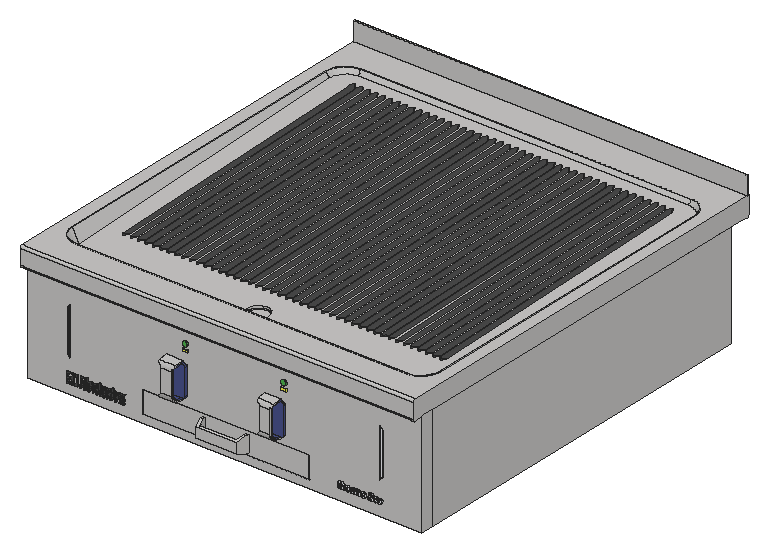
Revit family "QF_ELECTROLUXPROFESSIONAL_588535_MBHNBBHOAO", category Attrezzature speciali, Revit 2020
Family settings
  Quota connettore circolare = Usa diametro
  Tipo di parte = Normale
  Basato su piano di lavoro = No
  Sempre verticale = Sì
  Taglio con vuoti quando caricato = No
  Condiviso = No
  Punto di calcolo locali = No
Parameters (values of type "Standard")
  Weight = 120.00 kg
  Watts = 15300 W
  Volts = 400 V
  URL Manufacturer = "https://www.electroluxprofessional.com/"
  URL = "https://www.electroluxprofessional.com/"
  Steam Supply Size = 0"
  Steam Supply Minimum Pressure = 0.00 psi
  Steam Supply Maximum Pressure = 0.00 psi
  Steam Consumption per Hour = 0
  Refrigeration Suction Line Size = 0 mm
  Refrigeration Liquid Line Size = 0 mm
  Refrigerant Compressor Remote = yes
  Prospetto di default = 0 mm
  Phase = 3
  Modello = "MBHNBBHOAO"
  Produttore = "Electrolux Professional"
  Length Actual = 800 mm  # constant formula
  Item Number = "588535"
  Hot Water Size = 0"
  Height Actual = 250 mm  # constant formula
  HP = "20.5 HP"
  Gas Size = 0"
  Gas KW = 0
  Gas Input Pressure = 0.0 Btu/h
  Direct Waste Size = 0"
  Descrizione = "EL.FRYTOP,RIBBED PL,1S,BSPL,800X850X250H"
  Depth Actual = 850 mm  # constant formula
  Cycle = 50 Hz
  Condensate Return Size = 0"
  Compressed Air Volume = 0 GPM
  Compressed Air Size = 0"
  Compressed Air Pressure = 0.00 psi
  Cold Water Size = 0"
  Accessory = yes
Reference planes
  plane 1 "BACK": y = 0
  plane 2: z = 0
  plane 3 "LEFT": x = 0
  plane 4 "RIGHT": x = 800
  plane 5 "FRONT": y = -850
  plane 6 "TOP": z = 900
  plane 7 "Center (Left/Right)": x = 400
  plane 8: y = -425
  plane 9: y = -150
  plane 10: y = -65
  plane 11: y = -790
  plane 12 "EIY": y = -635
  plane 13: z = 938
  plane 14 "BaseTop": z = 650
  plane 15: y = -805
  plane 16 "Camino": y = -50
  plane 17 "EIx": x = 755
  plane 18: z = 1131
  plane 19 "PlaneRibbed": through (-6096, -65, 890) normal (0, -0.0251, 0.9997)
Forms (mm)
  Extrusion 1, solid, material "QF_Finishes_Stainless Steel"
    sketch origin (-178.969, -4572, 100) x (-1, 0, 0) y (0, -1, 0)
      loop
        line (-178.969, -4527) -> (-178.969, -3767) -> (-978.969, -3767) -> (-978.969, -4527) -> (-178.969, -4527)
    from 550 to 762.969
  Extrusion 2, solid, material "QF_Finishes_Stainless Steel"
    sketch origin (400, 296.4, 1219.2) x (0, 1, 0) y (0, 0, 1)
      loop
        line (-296.4, -319.2) -> (-1141.4, -319.2)
        arc (-1141.4, -319.2) -> (-1144.935, -320.664) -> (-1146.4, -324.2) r 5
        line (-1146.4, -324.2) -> (-1146.4, -355.2)
        arc (-1146.4, -355.2) -> (-1144.971, -358.264) -> (-1141.705, -359.139) r 4
        line (-1141.705, -359.139) -> (-1126.4, -356.231) -> (-316.4, -356.231) -> (-301.094, -359.139)
        arc (-301.094, -359.139) -> (-297.829, -358.264) -> (-296.4, -355.2) r 4
        line (-296.4, -355.2) -> (-296.4, -319.2)
    from -400 to 400
  Extrusion 3, void
    sketch origin (0, 0, 900) x (-1, 0, 0) y (0, -1, 0)
      loop
        arc (-65, 65) -> (-36.716, 76.716) -> (-25, 105) r 40
        line (-25, 105) -> (-25, 750)
        arc (-25, 750) -> (-36.716, 778.284) -> (-65, 790) r 40
        line (-65, 790) -> (-735, 790)
        arc (-735, 790) -> (-763.284, 778.284) -> (-775, 750) r 40
        line (-775, 750) -> (-775, 105)
        arc (-775, 105) -> (-763.284, 76.716) -> (-735, 65) r 40
        line (-735, 65) -> (-65, 65)
    from 0 to -30
  Extrusion 4, solid, material "QF_Finishes_Stainless Steel"
    sketch origin (400, 296.4, 1219.2) x (0, 1, 0) y (0, 0, 1)
      loop
        line (-296.4, -319.2) -> (-296.4, -281.2) -> (-298.4, -281.2) -> (-298.4, -319.2) -> (-296.4, -319.2)
    from 400 to -400
  Extrusion 5, solid, material "QF_Finishes_Stainless Steel"
    sketch origin (0, 0, 650) x (-1, 0, 0) y (0, -1, 0)
      loop
        circle (-755, 635) r 10.1
    from 0 to -10
  Sweep 6, solid, material "QF_Finishes_Stainless Steel"
    path origin (0, 0, 900) x (-1, 0, 0) y (0, -1, 0)
      loop
        line (-25, 105) -> (-25, 750)
        arc (-25, 750) -> (-36.716, 778.284) -> (-65, 790) r 40
        line (-65, 790) -> (-735, 790)
        arc (-735, 790) -> (-763.284, 778.284) -> (-775, 750) r 40
        line (-775, 750) -> (-775, 105)
        arc (-775, 105) -> (-763.284, 76.716) -> (-735, 65) r 40
        line (-735, 65) -> (-65, 65)
        arc (-65, 65) -> (-36.716, 76.716) -> (-25, 105) r 40
    profile origin (25, -427.5, 900) x (1, 0, 0) y (0, 0, 1)
      loop
        line (0, 0) -> (0, -30) -> (15, -30) -> (0, 0)
  Extrusion 7, void
    sketch origin (305.009, 0, 900) x (-1, 0, 0) y (0, -1, 0)
      loop
        circle (-94.991, 746) r 22.248
    from -32.282 to 0
  Extrusion 8, solid, material "QF_Finishes_Stainless Steel"
    sketch origin (400, 296.4, 1219.2) x (0, 1, 0) y (0, 0, 1)
      loop
        line (-1086.4, -349.2) -> (-361.4, -349.2) -> (-361.4, -329.2) -> (-1086.4, -347.399) -> (-1086.4, -349.2)
    from -375 to 375
  Extrusion 9, void
    sketch origin (305.009, 0, 900) x (-1, 0, 0) y (0, -1, 0)
      loop
        circle (-94.991, 746) r 22.248
    from -32.282 to 0
Cuts and joins
  Extrusion 3, Extrusion 7, Extrusion 9 cuts Extrusion 2
  Extrusion 9 cuts Sweep 6
  Extrusion 9 cuts Extrusion 8
  joined: Sweep 6, Extrusion 8
Lines and regions (mm)
  symbolic lines
    curve 1: line (0, 0, 100) -> (800, 0, 100)
    curve 2: line (0, -850, 100) -> (0, 0, 100)
    curve 3: line (800, -850, 100) -> (0, -850, 100)
    curve 4: line (800, 0, 100) -> (800, -850, 100)
    curve 5: line (0, -2, 0) -> (800, -2, 0)
    curve 6: line (734.029, -65, 0) -> (65.29, -65, 0)
    curve 7: line (65.29, -790, 0) -> (734.029, -790, 0)
    curve 8: line (65, -80, 900) -> (735, -80, 900)
    curve 9: line (735, -775, 900) -> (65, -775, 900)
    curve 10: arc (760, -750, 900) -> (752.678, -767.678, 900) -> (735, -775, 900) r 25
    curve 11: line (760, -105, 900) -> (760, -750, 900)
    curve 12: arc (735, -80, 900) -> (752.678, -87.322, 900) -> (760, -105, 900) r 25
    curve 13: circle (400, -746, 900) r 22.248 normal (0, 0, 1)
    curve 14: arc (90.5, -85.483, 900) -> (62.314, -97.096, 900) -> (50.5, -125.198, 900) r 39.994
    curve 15: line (90.5, -85.482, 900) -> (710.5, -85.482, 900)
    curve 16: line (50.5, -662.082, 900) -> (50.5, -125.198, 900)
    curve 17: arc (50.5, -662.082, 900) -> (62.314, -690.184, 900) -> (90.5, -701.797, 900) r 39.994
    curve 18: line (710.5, -701.798, 900) -> (90.5, -701.798, 900)
    curve 19: line (40.29, -708.526, 900) -> (760, -708.526, 900)
    curve 20: line (40.29, -718.526, 900) -> (760, -718.526, 900)
    curve 21: arc (65, -65, 900) -> (36.716, -76.716, 900) -> (25, -105, 900) r 40
    curve 22: line (25, -105, 900) -> (25, -750, 900)
    curve 23: arc (25, -750, 900) -> (36.716, -778.284, 900) -> (65, -790, 900) r 40
    curve 24: arc (735, -790, 900) -> (763.284, -778.284, 900) -> (775, -750, 900) r 40
    curve 25: line (775, -750, 900) -> (775, -105, 900)
    curve 26: arc (775, -105, 900) -> (763.284, -76.716, 900) -> (735, -65, 900) r 40
    curve 27: arc (709.5, -85.483, 900) -> (737.686, -97.096, 900) -> (749.5, -125.198, 900) r 39.994
    curve 28: line (749.5, -662.082, 900) -> (749.5, -125.198, 900)
    curve 29: arc (749.5, -662.082, 900) -> (737.686, -690.184, 900) -> (709.5, -701.797, 900) r 39.994
    curve 30: arc (65, -775, 900) -> (47.322, -767.678, 900) -> (40, -750, 900) r 25
    curve 31: line (40, -750, 900) -> (40, -105, 900)
    curve 32: arc (40, -105, 900) -> (47.322, -87.322, 900) -> (65, -80, 900) r 25
Dimensions and locks
  plane 3 "LEFT" to plane 4 "RIGHT" = 800 mm
  locked: plane 5 "FRONT" to plane 1 "BACK" at 850
  plane 3 "LEFT" to plane 7 "Center (Left/Right)" to plane 4 "RIGHT" = 400 mm, 400 mm
  equal spacing: plane 5 "FRONT", plane 8, plane 1 "BACK"
  plane 6 "TOP" to level = 900 mm  (x2)
  plane 1 "BACK" to plane 9 = 150 mm
  plane 12 "EIY" to plane 1 "BACK" = 635 mm
  plane 13 to plane 6 "TOP" = 38 mm
  plane 10 to plane 1 "BACK" = 65 mm
  plane 5 "FRONT" to plane 11 = 60 mm
  locked: plane 6 "TOP" to plane 14 "BaseTop" at 250
  locked: plane 15 to plane 5 "FRONT" at 45
  plane 16 "Camino" to plane 1 "BACK" = 50 mm
  plane 17 "EIx" to plane 4 "RIGHT" = 45 mm
  plane 18 to plane 6 "TOP" = 231 mm
  aligned and locked: level to plane 2
  aligned and locked: cut or joined group of Extrusion 2, Extrusion 3, Extrusion 7, Extrusion 9 to plane 3 "LEFT"
  aligned and locked: cut or joined group of Extrusion 2, Extrusion 3, Extrusion 7, Extrusion 9 to plane 4 "RIGHT"
  aligned and locked: nested 1 to plane 15
  aligned and locked: Extrusion 1 to plane 15
  aligned and locked: Extrusion 4 to plane 3 "LEFT"
  aligned and locked: Extrusion 4 to plane 4 "RIGHT"
  aligned and locked: plane 3 "LEFT" to nested 1
Automatic sketch dimensions
  curve 5 to plane 3 "LEFT" = 0 mm
  plane 10 to curve 6 = 0 mm
  plane 11 to curve 7 = 0 mm
  curve 5 to plane 4 "RIGHT" = 0 mm
  plane 3 "LEFT" to curve 6 = 65.29 mm
  plane 3 "LEFT" to curve 7 = 65.29 mm
  curve 6 to plane 17 "EIx" = 20.971 mm
  curve 7 to plane 17 "EIx" = 20.971 mm
  plane 1 "BACK" to curve 5 = 2 mm
  Extrusion 1 sketch curve to plane 4 "RIGHT" = 0 mm
  Extrusion 1 sketch curve to plane 3 "LEFT" = 0 mm
  Extrusion 1 sketch curve to plane 15 = 0 mm
  Extrusion 1 sketch curve to plane 16 "Camino" = 5 mm
  plane 1 "BACK" to curve 1 = 0 mm
  curve 1 to plane 4 "RIGHT" = 0 mm
  curve 3 to plane 3 "LEFT" = 0 mm
  plane 5 "FRONT" to curve 3 = 0 mm
  Extrusion 2 sketch curve to plane 5 "FRONT" = 0 mm
  Extrusion 2 sketch curve to plane 6 "TOP" = 0 mm
  Extrusion 2 sketch curve to plane 1 "BACK" = 0 mm
  Extrusion 2 sketch curve to Extrusion 2 sketch curve = 4 mm
  Extrusion 2 sketch curve to Extrusion 2 sketch curve = 0.695 mm
  Extrusion 2 sketch curve to plane 5 "FRONT" = 5 mm
  Extrusion 2 sketch curve to Extrusion 2 sketch curve = 15.305 mm
  plane 1 "BACK" to Extrusion 2 sketch curve = 20 mm
  plane 1 "BACK" to Extrusion 2 sketch curve = 4.695 mm
  plane 1 "BACK" to Extrusion 2 sketch curve = 4 mm
  Extrusion 2 sketch curve to Extrusion 2 sketch curve = 31 mm
  Extrusion 2 sketch curve to Extrusion 2 sketch curve = 36 mm
  Extrusion 2 sketch curve to Extrusion 2 sketch curve = 2.909 mm
  plane 11 to Extrusion 3 sketch curve = 0 mm
  plane 10 to Extrusion 3 sketch curve = 0 mm
  plane 17 "EIx" to Extrusion 3 sketch curve = 20 mm
  Extrusion 3 sketch curve to plane 17 "EIx" = 20 mm  (x2)
  plane 3 "LEFT" to Extrusion 3 sketch curve = 65 mm  (x2)
  plane 10 to Extrusion 3 sketch curve = 40 mm
  curve 10 to curve 24 = 0 mm  (x2)
  curve 12 to curve 26 = 0 mm  (x2)
  curve 21 to curve 32 = 0 mm  (x2)
  curve 23 to curve 30 = 0 mm  (x2)
  plane 10 to curve 26 = 0 mm
  plane 11 to curve 24 = 0 mm
  curve 13 to plane 7 "Center (Left/Right)" = 0 mm
  plane 10 to curve 21 = 0 mm
  curve 29 to plane 17 "EIx" = 45.493 mm
  curve 27 to plane 17 "EIx" = 45.493 mm
  curve 12 to plane 17 "EIx" = 20 mm
  curve 24 to plane 17 "EIx" = 20 mm
  curve 28 to plane 17 "EIx" = 5.5 mm
  plane 17 "EIx" to curve 11 = 5 mm
  curve 25 to curve 11 = 15 mm
  curve 17 to plane 12 "EIY" = 26.803 mm
  plane 3 "LEFT" to curve 17 = 90.493 mm
  plane 9 to curve 14 = 24.523 mm
  plane 3 "LEFT" to curve 14 = 90.493 mm
  curve 14 to curve 21 = 25.493 mm
  curve 23 to plane 11 = 40 mm
  plane 3 "LEFT" to curve 23 = 65 mm
  curve 17 to curve 16 = 39.993 mm
  curve 31 to curve 16 = 20.198 mm
  curve 11 to curve 28 = 20.198 mm
  plane 9 to curve 27 = 24.523 mm
  curve 29 to plane 12 "EIY" = 26.803 mm
  curve 16 to plane 12 "EIY" = 27.082 mm
  curve 28 to plane 12 "EIY" = 27.082 mm
  curve 13 to plane 11 = 44 mm
  plane 10 to curve 27 = 20.483 mm
  curve 29 to curve 29 = 0.007 mm
  curve 18 to curve 29 = 1 mm
  curve 15 to curve 27 = 1 mm
  curve 18 to curve 17 = 0.007 mm
  curve 15 to curve 8 = 25.5 mm
  curve 15 to curve 14 = 0 mm
  curve 18 to curve 17 = 0 mm
  curve 20 to curve 30 = 0.29 mm
  curve 19 to curve 20 = 0 mm
  curve 15 to curve 14 = 0.001 mm
  curve 29 to curve 18 = 0.001 mm
  curve 19 to curve 30 = 41.474 mm
  curve 19 to curve 20 = 10 mm
  Extrusion 4 sketch curve to plane 6 "TOP" = 0 mm
  Extrusion 4 sketch curve to plane 13 = 0 mm
  Extrusion 4 sketch curve to plane 1 "BACK" = 0 mm
  Extrusion 4 sketch curve to Extrusion 4 sketch curve = 2 mm
  plane 12 "EIY" to Extrusion 5 sketch curve = 0 mm
  Extrusion 5 sketch curve to plane 17 "EIx" = 0 mm
  plane 10 to Sweep 6 sketch curve = 0 mm
  plane 11 to Sweep 6 sketch curve = 0 mm
  plane 17 "EIx" to Sweep 6 sketch curve = 20 mm
  Sweep 6 sketch curve to plane 17 "EIx" = 20 mm  (x2)
  plane 3 "LEFT" to Sweep 6 sketch curve = 65 mm  (x2)
  plane 3 "LEFT" to Sweep 6 sketch curve = 25 mm
  profile plane to Sweep 6 sketch curve = 0 mm
  Sweep 6 sketch curve to plane 6 "TOP" = 0 mm
  Sweep 6 sketch curve to profile plane = 15 mm
  Sweep 6 sketch curve to plane 6 "TOP" = 30 mm
  Extrusion 7 sketch curve to plane 7 "Center (Left/Right)" = 0 mm
  Extrusion 7 sketch curve to plane 11 = 44 mm
  Extrusion 7 sketch curve to plane 7 "Center (Left/Right)" = 12.288 mm
  Extrusion 7 sketch curve to Extrusion 7 sketch curve = 0 mm
  Extrusion 7 sketch curve to Extrusion 7 sketch curve = 18.547 mm
  Extrusion 9 sketch curve to plane 7 "Center (Left/Right)" = 0 mm
  Extrusion 9 sketch curve to plane 11 = 44 mm
  Extrusion 9 sketch curve to plane 7 "Center (Left/Right)" = 12.288 mm
  Extrusion 9 sketch curve to Extrusion 9 sketch curve = 0 mm
  Extrusion 9 sketch curve to Extrusion 9 sketch curve = 18.547 mm
  Extrusion 8 sketch curve to plane 11 = 0 mm
  Extrusion 8 sketch curve to plane 10 = 0 mm
  Extrusion 8 sketch curve to plane 6 "TOP" = 30 mm
  Extrusion 8 sketch curve to plane 6 "TOP" = 10 mm
  Extrusion 8 sketch curve to Extrusion 8 sketch curve = 1.801 mm
  radius of curve 13 = 22.248 mm
  radius of Extrusion 5 sketch curve = 10.1 mm
Nested families
  nested 1: "Front_Panel_W800_Two Knobs_2Spie" at (202.376, -805, 0), type "Front_Panel_W800_Two Knobs_2Spie"
  nested 2: "Rib_D12" at (137.5, -379.667, 882.101) x (1, 0, 0) z (0, -0.0251, 0.9997), type "Rib_D12"
    with Show Clearance yes, Lenght 588 mm
  nested 3: "Rib_D12" at (152.5, -379.667, 882.101) x (1, 0, 0) z (0, -0.0251, 0.9997), type "Rib_D12"
    with Show Clearance yes, Lenght 588 mm
  nested 4: "Rib_D12" at (167.5, -379.667, 882.101) x (1, 0, 0) z (0, -0.0251, 0.9997), type "Rib_D12"
    with Show Clearance yes, Lenght 588 mm
  nested 5: "Rib_D12" at (182.5, -379.667, 882.101) x (1, 0, 0) z (0, -0.0251, 0.9997), type "Rib_D12"
    with Show Clearance yes, Lenght 588 mm
  nested 6: "Rib_D12" at (197.5, -379.667, 882.101) x (1, 0, 0) z (0, -0.0251, 0.9997), type "Rib_D12"
    with Show Clearance yes, Lenght 588 mm
  nested 7: "Rib_D12" at (212.5, -379.667, 882.101) x (1, 0, 0) z (0, -0.0251, 0.9997), type "Rib_D12"
    with Show Clearance yes, Lenght 588 mm
  nested 8: "Rib_D12" at (227.5, -379.667, 882.101) x (1, 0, 0) z (0, -0.0251, 0.9997), type "Rib_D12"
    with Show Clearance yes, Lenght 588 mm
  nested 9: "Rib_D12" at (242.5, -379.667, 882.101) x (1, 0, 0) z (0, -0.0251, 0.9997), type "Rib_D12"
    with Show Clearance yes, Lenght 588 mm
  nested 10: "Rib_D12" at (257.5, -379.667, 882.101) x (1, 0, 0) z (0, -0.0251, 0.9997), type "Rib_D12"
    with Show Clearance yes, Lenght 588 mm
  nested 11: "Rib_D12" at (272.5, -379.667, 882.101) x (1, 0, 0) z (0, -0.0251, 0.9997), type "Rib_D12"
    with Show Clearance yes, Lenght 588 mm
  nested 12: "Rib_D12" at (287.5, -379.667, 882.101) x (1, 0, 0) z (0, -0.0251, 0.9997), type "Rib_D12"
    with Show Clearance yes, Lenght 588 mm
  nested 13: "Rib_D12" at (302.5, -379.667, 882.101) x (1, 0, 0) z (0, -0.0251, 0.9997), type "Rib_D12"
    with Show Clearance yes, Lenght 588 mm
  nested 14: "Rib_D12" at (317.5, -379.667, 882.101) x (1, 0, 0) z (0, -0.0251, 0.9997), type "Rib_D12"
    with Show Clearance yes, Lenght 588 mm
  nested 15: "Rib_D12" at (332.5, -379.667, 882.101) x (1, 0, 0) z (0, -0.0251, 0.9997), type "Rib_D12"
    with Show Clearance yes, Lenght 588 mm
  nested 16: "Rib_D12" at (347.5, -379.667, 882.101) x (1, 0, 0) z (0, -0.0251, 0.9997), type "Rib_D12"
    with Show Clearance yes, Lenght 588 mm
  nested 17: "Rib_D12" at (362.5, -379.667, 882.101) x (1, 0, 0) z (0, -0.0251, 0.9997), type "Rib_D12"
    with Show Clearance yes, Lenght 588 mm
  nested 18: "Rib_D12" at (377.5, -379.667, 882.101) x (1, 0, 0) z (0, -0.0251, 0.9997), type "Rib_D12"
    with Show Clearance yes, Lenght 588 mm
  nested 19: "Rib_D12" at (392.5, -379.667, 882.101) x (1, 0, 0) z (0, -0.0251, 0.9997), type "Rib_D12"
    with Show Clearance yes, Lenght 588 mm
  nested 20: "Rib_D12" at (77.5, -379.667, 882.101) x (1, 0, 0) z (0, -0.0251, 0.9997), type "Rib_D12"
    with Show Clearance yes, Lenght 588 mm
  nested 21: "Rib_D12" at (92.5, -379.667, 882.101) x (1, 0, 0) z (0, -0.0251, 0.9997), type "Rib_D12"
    with Show Clearance yes, Lenght 588 mm
  nested 22: "Rib_D12" at (107.5, -379.667, 882.101) x (1, 0, 0) z (0, -0.0251, 0.9997), type "Rib_D12"
    with Show Clearance yes, Lenght 588 mm
  nested 23: "Rib_D12" at (122.5, -379.667, 882.101) x (1, 0, 0) z (0, -0.0251, 0.9997), type "Rib_D12"
    with Show Clearance yes, Lenght 588 mm
  nested 24: "Rib_D12" at (662.5, -379.667, 882.101) x (-1, 0, 0) z (0, -0.0251, 0.9997), type "Rib_D12"
    with Show Clearance yes, Lenght 588 mm
  nested 25: "Rib_D12" at (647.5, -379.667, 882.101) x (-1, 0, 0) z (0, -0.0251, 0.9997), type "Rib_D12"
    with Show Clearance yes, Lenght 588 mm
  nested 26: "Rib_D12" at (632.5, -379.667, 882.101) x (-1, 0, 0) z (0, -0.0251, 0.9997), type "Rib_D12"
    with Show Clearance yes, Lenght 588 mm
  nested 27: "Rib_D12" at (617.5, -379.667, 882.101) x (-1, 0, 0) z (0, -0.0251, 0.9997), type "Rib_D12"
    with Show Clearance yes, Lenght 588 mm
  nested 28: "Rib_D12" at (602.5, -379.667, 882.101) x (-1, 0, 0) z (0, -0.0251, 0.9997), type "Rib_D12"
    with Show Clearance yes, Lenght 588 mm
  nested 29: "Rib_D12" at (587.5, -379.667, 882.101) x (-1, 0, 0) z (0, -0.0251, 0.9997), type "Rib_D12"
    with Show Clearance yes, Lenght 588 mm
  nested 30: "Rib_D12" at (572.5, -379.667, 882.101) x (-1, 0, 0) z (0, -0.0251, 0.9997), type "Rib_D12"
    with Show Clearance yes, Lenght 588 mm
  nested 31: "Rib_D12" at (557.5, -379.667, 882.101) x (-1, 0, 0) z (0, -0.0251, 0.9997), type "Rib_D12"
    with Show Clearance yes, Lenght 588 mm
  nested 32: "Rib_D12" at (542.5, -379.667, 882.101) x (-1, 0, 0) z (0, -0.0251, 0.9997), type "Rib_D12"
    with Show Clearance yes, Lenght 588 mm
  nested 33: "Rib_D12" at (527.5, -379.667, 882.101) x (-1, 0, 0) z (0, -0.0251, 0.9997), type "Rib_D12"
    with Show Clearance yes, Lenght 588 mm
  nested 34: "Rib_D12" at (512.5, -379.667, 882.101) x (-1, 0, 0) z (0, -0.0251, 0.9997), type "Rib_D12"
    with Show Clearance yes, Lenght 588 mm
  nested 35: "Rib_D12" at (497.5, -379.667, 882.101) x (-1, 0, 0) z (0, -0.0251, 0.9997), type "Rib_D12"
    with Show Clearance yes, Lenght 588 mm
  nested 36: "Rib_D12" at (482.5, -379.667, 882.101) x (-1, 0, 0) z (0, -0.0251, 0.9997), type "Rib_D12"
    with Show Clearance yes, Lenght 588 mm
  nested 37: "Rib_D12" at (467.5, -379.667, 882.101) x (-1, 0, 0) z (0, -0.0251, 0.9997), type "Rib_D12"
    with Show Clearance yes, Lenght 588 mm
  nested 38: "Rib_D12" at (452.5, -379.667, 882.101) x (-1, 0, 0) z (0, -0.0251, 0.9997), type "Rib_D12"
    with Show Clearance yes, Lenght 588 mm
  nested 39: "Rib_D12" at (437.5, -379.667, 882.101) x (-1, 0, 0) z (0, -0.0251, 0.9997), type "Rib_D12"
    with Show Clearance yes, Lenght 588 mm
  nested 40: "Rib_D12" at (422.5, -379.667, 882.101) x (-1, 0, 0) z (0, -0.0251, 0.9997), type "Rib_D12"
    with Show Clearance yes, Lenght 588 mm
  nested 41: "Rib_D12" at (407.5, -379.667, 882.101) x (-1, 0, 0) z (0, -0.0251, 0.9997), type "Rib_D12"
    with Show Clearance yes, Lenght 588 mm
  nested 42: "Rib_D12" at (722.5, -379.667, 882.101) x (-1, 0, 0) z (0, -0.0251, 0.9997), type "Rib_D12"
    with Show Clearance yes, Lenght 588 mm
  nested 43: "Rib_D12" at (707.5, -379.667, 882.101) x (-1, 0, 0) z (0, -0.0251, 0.9997), type "Rib_D12"
    with Show Clearance yes, Lenght 588 mm
  nested 44: "Rib_D12" at (692.5, -379.667, 882.101) x (-1, 0, 0) z (0, -0.0251, 0.9997), type "Rib_D12"
    with Show Clearance yes, Lenght 588 mm
  nested 45: "Rib_D12" at (677.5, -379.667, 882.101) x (-1, 0, 0) z (0, -0.0251, 0.9997), type "Rib_D12"
    with Show Clearance yes, Lenght 588 mm
Connectors
  electrical at (755, -635, 640), driven by "Volts"
    settings: on Extrusion 5, index 1, voltage 400 V, apparent load 0 VA, apparent load phase1 0 VA, apparent load phase2 0 VA, apparent load phase3 0 VA, power factor 1, load classification "Other", number of poles 1, system type 30, power factor state 1, is connector primary yes, connector utility no, sub classification motor no, connector description "Electrical Connection"
Definition of nested family "Front_Panel_W800_Two Knobs_2Spie"
  Parameters
    Default Elevation = 0 mm
  Reference planes
    plane 1 "Center (Front/Back)": y = 0
    plane 2: z = 0
    plane 3 "Center (Left/Right)": x = 197.624
    plane 4 "Left": x = -202.376
    plane 5 "Right": x = 597.624
    plane 6: y = -45
    plane 7: x = 97.624
    plane 8: y = -310
    plane 9 "Panel": y = -25
    plane 10: x = 517.624
    plane 11: x = -122.376
    plane 12: x = 297.624
  Forms (mm)
    Extrusion 1, solid
      sketch origin (833.217, 829.203, -1.25) x (0, 1, 0) y (0, 0, 1)
        loop
          line (-854.203, 651.25) -> (-829.203, 651.25) -> (-829.203, 864.25) -> (-854.203, 864.25) -> (-854.203, 651.25)
      from -1035.593 to -235.593
    Extrusion 2, void
      sketch origin (0, -25, -10) x (0, 0, 1) y (-1, 0, 0)
        loop
          line (731.866, 122.376) -> (726.866, 117.376) -> (823.866, 117.376) -> (818.866, 122.376) -> (731.866, 122.376)
        loop
          line (731.866, -517.624) -> (818.866, -517.624) -> (823.866, -512.624) -> (726.866, -512.624) -> (731.866, -517.624)
      from 0 to -2
    Extrusion 3, void
      sketch origin (0, 0, 0) x (1, 0, 0) y (0, 0, 1)
        loop
          line (30.124, 711.866) -> (30.124, 666.866) -> (370.124, 666.866) -> (370.124, 711.866) -> (30.124, 711.866)
      from 19.387 to 25
    Extrusion 4, solid
      sketch origin (160, -25, 1.163) x (0, 0, 1) y (-1, 0, 0)
        loop
          circle (824.337, 42.376) r 5
      from 0 to 1.7
    Extrusion 5, solid
      sketch origin (330.497, -25, 1.163) x (0, 0, 1) y (-1, 0, 0)
        loop
          circle (824.337, 12.376) r 5
      from 0 to 1.7
    Extrusion 6, solid
      sketch origin (0, -25, -10) x (0, 0, 1) y (-1, 0, 0)
        loop
          line (731.866, 122.376) -> (726.866, 117.376) -> (823.866, 117.376) -> (818.866, 122.376) -> (731.866, 122.376)
        loop
          line (726.866, -512.624) -> (731.866, -517.624) -> (818.866, -517.624) -> (823.866, -512.624) -> (726.866, -512.624)
      from 0 to -2
    Extrusion 7, solid
      sketch origin (160, -25, -13.837) x (0, 0, 1) y (-1, 0, 0)
        loop
          line (829.337, 37.376) -> (829.337, 47.376) -> (824.337, 47.376) -> (824.337, 37.376) -> (829.337, 37.376)
      from 0 to 1.7
    Extrusion 8, solid
      sketch origin (360, -25, -13.837) x (0, 0, 1) y (-1, 0, 0)
        loop
          line (829.337, 37.376) -> (829.337, 47.376) -> (824.337, 47.376) -> (824.337, 37.376) -> (829.337, 37.376)
      from 0 to 1.7
    Extrusion 9, solid
      sketch origin (51.5, 0, -0.727) x (1, 0, 0) y (0, 0, 1)
        loop
          line (-21.376, 710.866) -> (-21.376, 667.866) -> (316.624, 667.866) -> (316.624, 710.866) -> (-21.376, 710.866)
      from 19.387 to 25
    Extrusion 10, solid
      sketch origin (51.5, 0, -0.727) x (1, 0, 0) y (0, 1, 0)
        loop
          line (106.059, -25) -> (100.966, -25) -> (105.646, -49.075) -> (189.603, -49.075) -> (194.283, -25) -> (189.189, -25) -> (185.481, -44.075) -> (109.767, -44.075) -> (106.059, -25)
      from 672.593 to 705.67
    Extrusion 11, void
      sketch origin (199.124, 0, -0.727) x (0, 1, 0) y (0, 0, 1)
        loop
          line (-30, 705.67) -> (-30, 710.67) -> (-56.744, 710.67) -> (-56.744, 667.593) -> (-30, 667.593) -> (-30, 672.593) -> (-53.776, 680.318) -> (-53.776, 697.945) -> (-30, 705.67)
      from -50 to 50
    Extrusion 12, solid, detail levels coarse
      sketch origin (51.5, -265, -0.727) x (1, 0, 0) y (0, 1, 0)
        loop
          line (106.164, -71.744) -> (189.084, -71.744) -> (194.283, -45) -> (316.624, -45) -> (316.624, 240) -> (-21.376, 240) -> (-21.376, -45) -> (100.966, -45) -> (106.164, -71.744)
      from 672.593 to 705.67
    Extrusion 13, void
      sketch origin (199.124, -280, -0.727) x (0, 1, 0) y (0, 0, 1)
        loop
          line (-30, 705.67) -> (-30, 710.67) -> (-56.744, 710.67) -> (-56.744, 667.593) -> (-30, 667.593) -> (-30, 672.593) -> (-53.776, 680.318) -> (-53.776, 697.945) -> (-30, 705.67)
      from -50 to 50
  Cuts and joins
    Extrusion 2, Extrusion 3 cuts Extrusion 1
    Extrusion 11 cuts Extrusion 10
    Extrusion 11, Extrusion 13 cuts Extrusion 12
  Lines and regions (mm)
    symbolic lines
      curve 1: line (31.124, -45, 0) -> (31.124, -310, 0)
      curve 2: line (31.124, -310, 0) -> (364.124, -310, 0)
      curve 3: line (132.304, -334.075, 0) -> (254.603, -334.075, 0)
      curve 4: line (254.603, -334.075, 0) -> (259.283, -310, 0)
      curve 5: line (364.124, -310, 0) -> (364.124, -45, 0)
      curve 6: line (31.124, -300, 0) -> (364.124, -300, 0)
      curve 7: line (136.426, -329.075, 0) -> (250.481, -329.075, 0)
      curve 8: line (250.481, -329.075, 0) -> (254.375, -309.046, 0)
      curve 9: line (132.304, -334.075, 0) -> (127.624, -310, 0)
      curve 10: line (136.426, -329.075, 0) -> (132.532, -309.046, 0)
  Dimensions and locks
    equal spacing: plane 5 "Right", plane 3 "Center (Left/Right)", plane 4 "Left"
    plane 5 "Right" to plane 4 "Left" = 800 mm
    plane 3 "Center (Left/Right)" to plane 7 = 100 mm
    plane 6 to plane 8 = 265 mm
    plane 12 to plane 3 "Center (Left/Right)" = 100 mm
    aligned and locked: cut or joined group of Extrusion 1, Extrusion 2, Extrusion 3 to plane 4 "Left"
    aligned and locked: plane 5 "Right" to cut or joined group of Extrusion 1, Extrusion 2, Extrusion 3
  Automatic sketch dimensions
    Extrusion 1 sketch curve to plane 9 "Panel" = 0 mm
    Extrusion 1 sketch curve to plane 1 "Center (Front/Back)" = 0 mm
    level to Extrusion 1 sketch curve = 650 mm
    Extrusion 1 sketch curve to Extrusion 1 sketch curve = 213 mm
    Extrusion 2 sketch curve to plane 11 = 0 mm
    Extrusion 2 sketch curve to plane 10 = 0 mm
    Extrusion 2 sketch curve to plane 10 = 5 mm
    level to Extrusion 2 sketch curve = 716.866 mm
    plane 11 to Extrusion 2 sketch curve = 5 mm
    Extrusion 2 sketch curve to Extrusion 2 sketch curve = 0 mm
    Extrusion 2 sketch curve to Extrusion 2 sketch curve = 5 mm  (x4)
    Extrusion 2 sketch curve to Extrusion 2 sketch curve = 87 mm  (x2)
    Extrusion 3 sketch curve to plane 7 = 67.5 mm
    plane 12 to Extrusion 3 sketch curve = 72.5 mm
    level to Extrusion 3 sketch curve = 666.866 mm
    Extrusion 3 sketch curve to Extrusion 3 sketch curve = 45 mm
    plane 7 to Extrusion 4 sketch curve = 20 mm
    level to Extrusion 4 sketch curve = 825.5 mm
    plane 12 to Extrusion 5 sketch curve = 20.497 mm
    level to Extrusion 5 sketch curve = 825.5 mm
    Extrusion 6 sketch curve to plane 11 = 0 mm
    Extrusion 6 sketch curve to plane 10 = 0 mm
    Extrusion 6 sketch curve to plane 10 = 5 mm
    level to Extrusion 6 sketch curve = 716.866 mm
    plane 11 to Extrusion 6 sketch curve = 5 mm
    Extrusion 6 sketch curve to Extrusion 6 sketch curve = 0 mm
    Extrusion 6 sketch curve to Extrusion 6 sketch curve = 5 mm  (x4)
    Extrusion 6 sketch curve to Extrusion 6 sketch curve = 87 mm  (x2)
    plane 7 to Extrusion 7 sketch curve = 25 mm
    level to Extrusion 7 sketch curve = 810.5 mm
    Extrusion 7 sketch curve to Extrusion 7 sketch curve = 5 mm
    Extrusion 7 sketch curve to Extrusion 7 sketch curve = 10 mm
    plane 12 to Extrusion 8 sketch curve = 25 mm
    level to Extrusion 8 sketch curve = 810.5 mm
    Extrusion 8 sketch curve to Extrusion 8 sketch curve = 5 mm
    Extrusion 8 sketch curve to Extrusion 8 sketch curve = 10 mm
    plane 6 to curve 1 = 0 mm
    curve 1 to plane 8 = 0 mm
    plane 6 to curve 5 = 0 mm
    curve 1 to plane 7 = 66.5 mm
    curve 10 to plane 8 = 19.075 mm
    plane 7 to curve 10 = 38.801 mm
    curve 8 to plane 12 = 47.143 mm
    curve 7 to curve 4 = 4.122 mm
    plane 12 to curve 2 = 66.5 mm
    curve 4 to curve 7 = 5 mm
    curve 9 to curve 7 = 8.801 mm
    curve 9 to curve 7 = 4.122 mm
    plane 8 to curve 10 = 0.954 mm
    curve 9 to curve 10 = 4.908 mm
    plane 8 to curve 8 = 0.954 mm
    curve 7 to curve 8 = 3.893 mm
    curve 8 to curve 4 = 4.908 mm
    curve 1 to curve 6 = 10 mm
    Extrusion 9 sketch curve to plane 7 = 67.5 mm
    plane 12 to Extrusion 9 sketch curve = 70.5 mm
    level to Extrusion 9 sketch curve = 667.139 mm
    Extrusion 9 sketch curve to Extrusion 9 sketch curve = 43 mm
    plane 9 "Panel" to Extrusion 10 sketch curve = 0 mm  (x2)
    Extrusion 10 sketch curve to plane 3 "Center (Left/Right)" = 45.158 mm
    plane 6 to Extrusion 10 sketch curve = 4.075 mm
    Extrusion 10 sketch curve to Extrusion 10 sketch curve = 4.68 mm
    Extrusion 10 sketch curve to Extrusion 10 sketch curve = 5.094 mm  (x2)
    Extrusion 10 sketch curve to plane 6 = 0.925 mm
    Extrusion 10 sketch curve to Extrusion 10 sketch curve = 4.122 mm  (x2)
    plane 3 "Center (Left/Right)" to Extrusion 10 sketch curve = 39.357 mm
    Extrusion 10 sketch curve to Extrusion 10 sketch curve = 3.708 mm
    plane 6 to Extrusion 11 sketch curve = 11.744 mm
    plane 6 to Extrusion 11 sketch curve = 8.776 mm
    plane 9 "Panel" to Extrusion 11 sketch curve = 5 mm  (x2)
    level to Extrusion 11 sketch curve = 666.866 mm
    Extrusion 11 sketch curve to Extrusion 11 sketch curve = 5 mm
    Extrusion 11 sketch curve to Extrusion 11 sketch curve = 12.725 mm  (x2)
    Extrusion 11 sketch curve to Extrusion 11 sketch curve = 17.627 mm
    Extrusion 11 sketch curve to Extrusion 11 sketch curve = 7.725 mm
    plane 9 "Panel" to Extrusion 12 sketch curve = 0 mm
    Extrusion 12 sketch curve to plane 8 = 0 mm  (x2)
    Extrusion 12 sketch curve to plane 7 = 67.5 mm
    Extrusion 12 sketch curve to plane 3 "Center (Left/Right)" = 45.158 mm
    Extrusion 12 sketch curve to Extrusion 12 sketch curve = 5.199 mm  (x2)
    plane 3 "Center (Left/Right)" to Extrusion 12 sketch curve = 42.96 mm
    plane 12 to Extrusion 12 sketch curve = 70.5 mm
    Extrusion 12 sketch curve to plane 8 = 26.744 mm
    Extrusion 13 sketch curve to plane 8 = 0 mm  (x2)
    Extrusion 13 sketch curve to plane 8 = 23.776 mm
    Extrusion 13 sketch curve to Extrusion 13 sketch curve = 2.968 mm
    level to Extrusion 13 sketch curve = 666.866 mm
    Extrusion 13 sketch curve to Extrusion 13 sketch curve = 5 mm
    Extrusion 13 sketch curve to Extrusion 13 sketch curve = 12.725 mm  (x2)
    Extrusion 13 sketch curve to Extrusion 13 sketch curve = 17.627 mm
    Extrusion 13 sketch curve to Extrusion 13 sketch curve = 7.725 mm
    radius of Extrusion 4 sketch curve = 5 mm
    radius of Extrusion 5 sketch curve = 5 mm
  Nested families
    nested 1: "Range Control Handle" at (97.851, -28.137, -209.113) x (-1, 0, 0) z (0, 0, 1), type "Range Control Handle"
    nested 2: "Range Control Handle" at (297.398, -28.137, -209.113), type "Range Control Handle"
    nested 3: "ELX_ThermaLine_Small" at (468.838, -25, 679.426) x (1, 0, 0) z (0, -1, 0), type "ELX_ThermaLine_Small"
      with Show Logo yes, Material_Logo none
    nested 4: "ELX_Professional_Logo_Small" at (-62.89, -25, 681.659) x (1, 0, 0) z (0, -1, 0), type "ELX_Professional_Logo_Small"
      with Show Logo yes, Material_Logo none
  Definition of nested family "Range Control Handle"
    Parameters
      Default Elevation = 0 mm
    Reference planes
      plane 1 "Center (Front/Back)": y = 0
      plane 2: z = 0
      plane 3 "Center (Left/Right)": x = 0
      plane 4: z = 971.092
      plane 5: y = -16.9
    Forms (mm)
      Extrusion 1, solid
        sketch origin (-746.28, 380.497, 208.931) x (-1, 0, 0) y (0, 0, 1)
          loop
            line (-770.101, 786.798) -> (-770.101, 731.649)
            arc (-770.101, 731.649) -> (-769.759, 730.563) -> (-768.855, 729.87) r 1.893
            line (-768.855, 729.87) -> (-763.474, 727.911) -> (-729.81, 727.911) -> (-724.428, 729.87)
            arc (-724.428, 729.87) -> (-723.525, 730.563) -> (-723.183, 731.649) r 1.893
            line (-723.183, 731.649) -> (-723.183, 786.798)
            arc (-723.183, 786.798) -> (-723.529, 787.894) -> (-724.44, 788.593) r 1.91
            line (-724.44, 788.593) -> (-729.683, 790.819) -> (-763.601, 790.819) -> (-768.844, 788.593)
            arc (-768.844, 788.593) -> (-769.755, 787.894) -> (-770.101, 786.798) r 1.91
        from -382.35 to -378.852
      Sweep 2, solid
        path origin (-746.788, 380.496, 208.091) x (0, -1, 0) y (0, 0, 1)
          loop
            line (379.775, 793.281) -> (395.661, 791.048)
            arc (395.661, 791.048) -> (397.781, 787.377) -> (398.517, 783.202) r 12.207
            line (398.517, 783.202) -> (398.517, 737.368)
            arc (398.517, 737.368) -> (397.781, 733.193) -> (395.661, 729.522) r 12.207
            line (395.661, 729.522) -> (379.775, 727.289)
        profile origin (-746.788, -7.222, 1000.256) x (0, -0.139173, 0.990268) y (-1, 0, 0)
          loop
            line (0.782, -763.123) -> (0.782, -730.907) -> (-1.322, -730.907) -> (-1.322, -763.123) -> (0.782, -763.123)
      Sweep 3, solid
        path origin (-746.788, 380.715, 207.832) x (0, -1, 0) y (0, 0, 1)
          loop
            line (380.478, 795.442) -> (397.218, 793.09)
            arc (397.218, 793.09) -> (399.929, 788.473) -> (400.871, 783.202) r 15.207
            line (400.871, 783.202) -> (400.871, 737.584)
            arc (400.871, 737.584) -> (399.914, 732.274) -> (397.164, 727.633) r 15.207
            line (397.164, 727.633) -> (380.601, 725.305)
        profile origin (-746.788, -8.132, 1002.099) x (0, -0.139173, 0.990268) y (-1, 0, 0)
          loop
            line (0.782, -763.123) -> (0.782, -730.907) -> (-1.322, -730.907) -> (-1.322, -763.123) -> (0.782, -763.123)
      Extrusion 4, void
        sketch origin (889.253, 220.666, 207.993) x (1, 0, 0) y (0, 0, 1)
          loop
            line (-943.038, 816.854) -> (-943.038, 703.686) -> (-899.466, 734.196) -> (-899.466, 786.344) -> (-943.038, 816.854)
        from 230.636 to 242.25
      Extrusion 5, void
        sketch origin (-888.8, 220.666, 207.993) x (-1, 0, 0) y (0, 0, -1)
          loop
            line (-943.038, -816.854) -> (-899.466, -786.344) -> (-899.466, -734.196) -> (-943.038, -703.686) -> (-943.038, -816.854)
        from 230.636 to 242.25
      Extrusion 6, solid
        sketch origin (0, 0, 0) x (1, 0, 0) y (0, 0, 1)
          loop
            circle (0, 971.092) r 7.736
        from -3.137 to -1.645
    Cuts and joins
      Extrusion 4, Extrusion 5 cuts Sweep 3
      Extrusion 4, Extrusion 5 cuts Sweep 2
      joined: Extrusion 1, Extrusion 6
    Lines and regions (mm)
      symbolic lines
        curve 1: line (16.334, -16.9, 0) -> (16.334, -19.227, 0)
        curve 2: spline (16.334, -19.227, 0) -> (15.87, -19.385, 0) -> (15.404, -19.536, 0) -> (14.936, -19.678, 0) -> (14.466, -19.813, 0) -> (13.995, -19.94, 0) -> (13.523, -20.059, 0) -> (13.049, -20.171, 0) -> (12.575, -20.274, 0) -> (12.099, -20.37, 0) -> (11.622, -20.458, 0) -> (11.144, -20.537, 0) -> (10.666, -20.609, 0)
        curve 3: line (10.666, -16.9, 0) -> (10.666, -20.938, 0)
        curve 4: line (-10.213, -20.938, 0) -> (10.666, -20.938, 0)
        curve 5: line (-10.213, -20.938, 0) -> (-10.213, -16.9, 0)
        curve 6: spline (-10.213, -20.609, 0) -> (-10.691, -20.537, 0) -> (-11.169, -20.458, 0) -> (-11.646, -20.37, 0) -> (-12.122, -20.274, 0) -> (-12.597, -20.171, 0) -> (-13.07, -20.059, 0) -> (-13.542, -19.94, 0) -> (-14.013, -19.813, 0) -> (-14.483, -19.678, 0) -> (-14.951, -19.536, 0) -> (-15.417, -19.385, 0) -> (-15.881, -19.227, 0)
        curve 7: line (-15.881, -19.227, 0) -> (-15.881, -16.9, 0)
  Definition of nested family "ELX_ThermaLine_Small"
    Parameters
      Show Logo [instance] = yes
      Material_Logo [instance] = none
      Default Elevation = 0 mm
    Reference planes
      plane 1 "Centro (Fronte/Retro)": y = 0
      plane 2: z = 0
      plane 3 "Centro (Sinistra/Destra)": x = 0
    Forms (mm)
      Extrusion 1, solid
        sketch origin (0, 0, 0) x (1, 0, 0) y (0, 1, 0)
          loop
            line (-1219.2, 1219.2) -> (-1219.2, -1219.2) -> (1219.2, -1219.2) -> (1219.2, 1219.2) -> (-1219.2, 1219.2)
        from 0 to -304.8
      Extrusion 2, solid
        sketch origin (0, 0, 0) x (1, 0, 0) y (0, 1, 0)
          loop
            line (-37.494, 1.229) -> (-35.908, 1.229) -> (-35.908, 3.066) -> (-37.494, 3.066) -> (-37.494, 6.221) -> (-39.867, 4.881) -> (-39.867, 3.066) -> (-40.969, 3.066) -> (-40.969, 1.229) -> (-39.867, 1.229) -> (-39.867, -3.407)
            arc (-39.867, -3.407) -> (-38.982, -5.513) -> (-36.751, -6.001) r 2.478
            line (-36.751, -6.001) -> (-35.638, -5.7) -> (-35.9, -3.835) -> (-36.661, -4.039)
            arc (-36.661, -4.039) -> (-37.236, -3.924) -> (-37.494, -3.399) r 0.662
            line (-37.494, -3.399) -> (-37.494, 1.229)
          loop
            line (-34.242, 6.539) -> (-34.242, -5.848) -> (-31.854, -5.848) -> (-31.854, -0.078)
            arc (-31.854, -0.078) -> (-30.939, 1.249) -> (-29.33, 1.367) r 1.866
            arc (-29.33, 1.367) -> (-28.695, 0.768) -> (-28.461, -0.073) r 1.627
            line (-28.461, -0.073) -> (-28.461, -5.848) -> (-26.086, -5.848) -> (-26.064, -0.46)
            arc (-26.064, -0.46) -> (-26.261, 0.932) -> (-26.786, 2.237) r 5.825
            arc (-26.786, 2.237) -> (-29.381, 3.264) -> (-31.854, 1.971) r 3.353
            line (-31.854, 1.971) -> (-31.854, 6.539) -> (-34.242, 6.539)
          loop
            arc (-18.398, -0.598) -> (-18.893, 0.879) -> (-20.326, 1.487) r 1.897
            arc (-20.326, 1.487) -> (-21.461, 0.708) -> (-21.897, -0.598) r 2.164
            line (-21.897, -0.598) -> (-18.398, -0.598)
          loop
            arc (-16.021, -2.044) -> (-16.754, 1.227) -> (-19.444, 3.226) r 4.814
            arc (-19.444, 3.226) -> (-22.137, 2.788) -> (-23.943, 0.743) r 4.054
            arc (-23.943, 0.743) -> (-24.382, -1.249) -> (-24.162, -3.276) r 6.289
            arc (-24.162, -3.276) -> (-23.302, -4.71) -> (-21.958, -5.705) r 4.28
            arc (-21.958, -5.705) -> (-18.558, -5.814) -> (-16.152, -3.409) r 4.28
            line (-16.152, -3.409) -> (-18.5, -2.995)
            arc (-18.5, -2.995) -> (-19.273, -3.994) -> (-20.533, -4.076) r 1.536
            arc (-20.533, -4.076) -> (-21.56, -3.281) -> (-21.958, -2.044) r 2.197
            line (-21.958, -2.044) -> (-16.021, -2.044)
          loop
            line (-14.165, -5.848) -> (-11.819, -5.848) -> (-11.819, -2.138)
            arc (-11.819, -2.138) -> (-11.787, -1.156) -> (-11.637, -0.185) r 8.18
            arc (-11.637, -0.185) -> (-10.644, 0.972) -> (-9.132, 0.776) r 1.603
            line (-9.132, 0.776) -> (-8.419, 2.846)
            arc (-8.419, 2.846) -> (-10.432, 3.118) -> (-11.994, 1.821) r 2.527
            line (-11.994, 1.821) -> (-11.994, 3.094) -> (-14.165, 3.094) -> (-14.165, -5.848)
          loop
            line (-7.579, 3.094) -> (-7.579, -5.848) -> (-5.178, -5.848) -> (-5.178, -0.756)
            arc (-5.178, -0.756) -> (-4.727, 0.679) -> (-3.417, 1.419) r 2.05
            arc (-3.417, 1.419) -> (-2.499, 0.908) -> (-2.155, -0.085) r 1.471
            line (-2.155, -0.085) -> (-2.155, -5.848) -> (0.23, -5.848) -> (0.23, -1.001)
            arc (0.23, -1.001) -> (0.47, 0.127) -> (1.148, 1.061) r 2.775
            arc (1.148, 1.061) -> (2.225, 1.329) -> (3.05, 0.587) r 1.182
            arc (3.05, 0.587) -> (3.199, -0.019) -> (3.214, -0.642) r 2.894
            line (3.214, -0.642) -> (3.214, -5.848) -> (5.601, -5.848) -> (5.601, 0.261)
            arc (5.601, 0.261) -> (4.87, 2.263) -> (2.976, 3.241) r 2.932
            arc (2.976, 3.241) -> (1.284, 2.973) -> (-0.047, 1.896) r 3.309
            arc (-0.047, 1.896) -> (-1.116, 2.865) -> (-2.506, 3.258) r 3.16
            arc (-2.506, 3.258) -> (-4.105, 2.942) -> (-5.376, 1.92) r 3.419
            line (-5.376, 1.92) -> (-5.376, 3.094) -> (-7.579, 3.094)
          loop
            line (7.583, 0.738) -> (9.702, 0.364)
            arc (9.702, 0.364) -> (11.441, 1.492) -> (12.855, -0.023) r 1.613
            line (12.855, -0.023) -> (9.782, -0.789)
            arc (9.782, -0.789) -> (8.559, -1.346) -> (7.617, -2.305) r 3.687
            arc (7.617, -2.305) -> (7.499, -3.681) -> (7.901, -5.003) r 3.651
            arc (7.901, -5.003) -> (9.107, -5.766) -> (10.515, -6.006) r 3.635
            arc (10.515, -6.006) -> (11.898, -5.697) -> (13.067, -4.895) r 3.734
            line (13.067, -4.895) -> (13.376, -5.848) -> (15.75, -5.848) -> (15.212, -4.193) -> (15.212, 0.38)
            arc (15.212, 0.38) -> (14.897, 1.849) -> (13.818, 2.895) r 2.585
            arc (13.818, 2.895) -> (11.792, 3.442) -> (9.719, 3.11) r 5.005
            arc (9.719, 3.11) -> (8.369, 2.178) -> (7.583, 0.738) r 3.54
          loop
            line (19.723, -5.848) -> (22.233, -5.848) -> (24.854, 6.484) -> (22.345, 6.484) -> (19.723, -5.848)
          loop
            line (24.583, -5.848) -> (26.953, -5.848) -> (28.848, 3.066) -> (26.478, 3.066) -> (24.583, -5.848)
          loop
            line (27.204, 6.484) -> (26.741, 4.305) -> (29.111, 4.305) -> (29.575, 6.484) -> (27.204, 6.484)
          loop
            line (29.355, -5.848) -> (31.849, -5.848) -> (33.098, 0.028)
            arc (33.098, 0.028) -> (34.169, 1.306) -> (35.832, 1.422) r 2.132
            arc (35.832, 1.422) -> (36.324, 0.752) -> (36.383, -0.078) r 1.5
            line (36.383, -0.078) -> (35.157, -5.848) -> (37.536, -5.848) -> (38.936, 0.738)
            arc (38.936, 0.738) -> (38.775, 2.091) -> (37.825, 3.066) r 2.118
            arc (37.825, 3.066) -> (35.392, 3.175) -> (33.295, 1.937) r 4.271
            line (33.295, 1.937) -> (33.535, 3.066) -> (31.25, 3.066) -> (29.355, -5.848)
          loop
            line (42.792, -0.64) -> (46.589, -0.64)
            arc (46.589, -0.64) -> (46.639, 0.124) -> (46.327, 0.823) r 1.589
            arc (46.327, 0.823) -> (45.117, 1.521) -> (43.762, 1.183) r 1.865
            arc (43.762, 1.183) -> (43.141, 0.344) -> (42.792, -0.64) r 3.538
          loop
            line (42.565, -2.138) -> (48.593, -2.138)
            arc (48.593, -2.138) -> (48.58, 0.597) -> (46.983, 2.818) r 4.494
            arc (46.983, 2.818) -> (44.191, 3.28) -> (41.725, 1.891) r 4.26
            arc (41.725, 1.891) -> (40.503, -0.3) -> (40.284, -2.799) r 6.003
            arc (40.284, -2.799) -> (40.959, -4.468) -> (42.377, -5.576) r 3.482
            arc (42.377, -5.576) -> (44.265, -5.961) -> (46.152, -5.576) r 4.823
            arc (46.152, -5.576) -> (47.432, -4.731) -> (48.328, -3.485) r 4.245
            line (48.328, -3.485) -> (46.168, -3.105)
            arc (46.168, -3.105) -> (45.214, -4.072) -> (43.859, -4.181) r 1.953
            arc (43.859, -4.181) -> (42.821, -3.408) -> (42.565, -2.138) r 1.81
          loop
            line (12.868, -1.553) -> (10.216, -2.214)
            arc (10.216, -2.214) -> (9.747, -3.136) -> (10.216, -4.058) r 1.14
            arc (10.216, -4.058) -> (11.537, -4.249) -> (12.614, -3.46) r 1.763
            arc (12.614, -3.46) -> (12.858, -2.522) -> (12.868, -1.553) r 3.97
        from 0 to 1.6
    Dimensions and locks
      aligned and locked: plane 2 to Extrusion 1
      aligned and locked: level to Extrusion 1
  Definition of nested family "ELX_Professional_Logo_Small"
    Parameters
      Show Logo [instance] = yes
      Material_Logo [instance] = none
      Default Elevation = 0 mm
    Reference planes
      plane 1 "Centro (Fronte/Retro)": y = 0
      plane 2: z = 0
      plane 3 "Centro (Sinistra/Destra)": x = 0
    Forms (mm)
      Extrusion 1, solid
        sketch origin (0, 0, 0) x (1, 0, 0) y (0, 1, 0)
          loop
            line (-1219.2, 1219.2) -> (-1219.2, -1219.2) -> (1219.2, -1219.2) -> (1219.2, 1219.2) -> (-1219.2, 1219.2)
        from 0 to -304.8
      Extrusion 2, solid, material <- "Material_Logo"
        sketch origin (15.5, 0, 0) x (1, 0, 0) y (0, 1, 0)
          loop
            spline (-42.99, -1.24) -> (-43.195, -1.231) -> (-43.415, -1.203) -> (-43.642, -1.152) -> (-43.87, -1.074) -> (-44.095, -0.966) -> (-44.309, -0.825) -> (-44.506, -0.647) -> (-44.681, -0.429) -> (-44.828, -0.167) -> (-44.94, 0.142) -> (-45.011, 0.501) -> (-45.037, 0.915)
            line (-45.037, 0.915) -> (-45.037, 2.748) -> (-38.984, 2.748) -> (-38.984, 5.086) -> (-45.038, 5.086) -> (-45.038, 8.489) -> (-38.599, 8.489) -> (-38.599, 10.82) -> (-47.515, 10.82) -> (-47.515, 1.021)
            spline (-47.515, 1.021) -> (-47.493, 0.418) -> (-47.425, -0.15) -> (-47.311, -0.682) -> (-47.15, -1.175) -> (-46.939, -1.628) -> (-46.678, -2.038) -> (-46.365, -2.404) -> (-46, -2.723) -> (-45.58, -2.995) -> (-45.105, -3.216) -> (-44.573, -3.385) -> (-43.983, -3.499)
            line (-43.983, -3.499) -> (-43.01, -3.569) -> (-38.426, -3.569) -> (-38.426, -1.24) -> (-42.99, -1.24)
          loop
            line (-36.666, 4.021) -> (-36.666, -3.573) -> (-34.188, -3.573) -> (-34.188, 10.824) -> (-36.666, 10.824) -> (-36.666, 4.021)
          loop
            spline (-21.915, 1.897) -> (-21.957, 2.615) -> (-22.082, 3.303) -> (-22.285, 3.955) -> (-22.563, 4.564) -> (-22.913, 5.124) -> (-23.331, 5.629) -> (-23.814, 6.074) -> (-24.359, 6.451) -> (-24.961, 6.755) -> (-25.618, 6.98) -> (-26.326, 7.119) -> (-27.081, 7.167)
            spline (-27.081, 7.167) -> (-27.853, 7.122) -> (-28.586, 6.99) -> (-29.275, 6.774) -> (-29.915, 6.478) -> (-30.5, 6.104) -> (-31.024, 5.657) -> (-31.483, 5.138) -> (-31.871, 4.553) -> (-32.182, 3.904) -> (-32.411, 3.194) -> (-32.552, 2.427) -> (-32.6, 1.606)
            spline (-32.6, 1.606) -> (-32.553, 0.805) -> (-32.416, 0.057) -> (-32.193, -0.637) -> (-31.887, -1.271) -> (-31.504, -1.843) -> (-31.048, -2.35) -> (-30.523, -2.788) -> (-29.934, -3.154) -> (-29.284, -3.444) -> (-28.579, -3.656) -> (-27.822, -3.785) -> (-27.019, -3.829)
            spline (-27.019, -3.829) -> (-26.627, -3.82) -> (-26.239, -3.79) -> (-25.856, -3.739) -> (-25.477, -3.663) -> (-25.103, -3.562) -> (-24.734, -3.432) -> (-24.369, -3.273) -> (-24.01, -3.082) -> (-23.655, -2.858) -> (-23.305, -2.597) -> (-22.96, -2.299) -> (-22.621, -1.962)
            line (-22.621, -1.962) -> (-24.114, -0.509)
            spline (-24.114, -0.509) -> (-24.311, -0.699) -> (-24.509, -0.872) -> (-24.71, -1.03) -> (-24.915, -1.172) -> (-25.126, -1.297) -> (-25.346, -1.407) -> (-25.576, -1.5) -> (-25.817, -1.576) -> (-26.072, -1.636) -> (-26.342, -1.678) -> (-26.629, -1.704) -> (-26.936, -1.713)
            spline (-26.936, -1.713) -> (-27.384, -1.691) -> (-27.805, -1.625) -> (-28.196, -1.518) -> (-28.556, -1.372) -> (-28.882, -1.187) -> (-29.174, -0.966) -> (-29.429, -0.71) -> (-29.645, -0.422) -> (-29.821, -0.102) -> (-29.955, 0.247) -> (-30.045, 0.623) -> (-30.089, 1.026)
            line (-30.089, 1.026) -> (-21.956, 1.026) -> (-21.915, 1.897)
          loop
            spline (-24.446, 2.769) -> (-24.47, 3.075) -> (-24.54, 3.37) -> (-24.654, 3.65) -> (-24.807, 3.913) -> (-24.996, 4.156) -> (-25.219, 4.376) -> (-25.472, 4.57) -> (-25.753, 4.736) -> (-26.057, 4.869) -> (-26.382, 4.968) -> (-26.724, 5.03) -> (-27.081, 5.051)
            spline (-27.081, 5.051) -> (-27.464, 5.03) -> (-27.832, 4.97) -> (-28.183, 4.872) -> (-28.513, 4.74) -> (-28.819, 4.577) -> (-29.099, 4.384) -> (-29.347, 4.165) -> (-29.563, 3.923) -> (-29.742, 3.659) -> (-29.881, 3.377) -> (-29.977, 3.079) -> (-30.027, 2.769)
            line (-30.027, 2.769) -> (-24.446, 2.769)
          loop
            spline (-18.167, 1.669) -> (-18.138, 2.13) -> (-18.055, 2.567) -> (-17.921, 2.978) -> (-17.739, 3.358) -> (-17.512, 3.705) -> (-17.243, 4.016) -> (-16.937, 4.287) -> (-16.596, 4.517) -> (-16.223, 4.7) -> (-15.823, 4.835) -> (-15.398, 4.919) -> (-14.951, 4.947)
            spline (-14.951, 4.947) -> (-14.677, 4.938) -> (-14.414, 4.913) -> (-14.162, 4.871) -> (-13.921, 4.812) -> (-13.69, 4.738) -> (-13.467, 4.649) -> (-13.254, 4.544) -> (-13.048, 4.424) -> (-12.85, 4.291) -> (-12.659, 4.143) -> (-12.474, 3.981) -> (-12.295, 3.806)
            line (-12.295, 3.806) -> (-10.76, 5.403)
            spline (-10.76, 5.403) -> (-11.065, 5.709) -> (-11.38, 5.984) -> (-11.703, 6.228) -> (-12.035, 6.443) -> (-12.375, 6.63) -> (-12.723, 6.788) -> (-13.078, 6.92) -> (-13.44, 7.026) -> (-13.809, 7.107) -> (-14.184, 7.164) -> (-14.564, 7.198) -> (-14.951, 7.209)
            spline (-14.951, 7.209) -> (-15.725, 7.161) -> (-16.467, 7.02) -> (-17.169, 6.792) -> (-17.826, 6.482) -> (-18.43, 6.096) -> (-18.976, 5.637) -> (-19.455, 5.112) -> (-19.862, 4.525) -> (-20.19, 3.882) -> (-20.433, 3.189) -> (-20.584, 2.449) -> (-20.635, 1.669)
            spline (-20.635, 1.669) -> (-20.584, 0.889) -> (-20.433, 0.149) -> (-20.19, -0.545) -> (-19.862, -1.187) -> (-19.455, -1.774) -> (-18.976, -2.299) -> (-18.43, -2.758) -> (-17.826, -3.145) -> (-17.169, -3.454) -> (-16.467, -3.682) -> (-15.725, -3.823) -> (-14.951, -3.871)
            spline (-14.951, -3.871) -> (-14.564, -3.86) -> (-14.184, -3.826) -> (-13.809, -3.77) -> (-13.44, -3.689) -> (-13.078, -3.583) -> (-12.723, -3.451) -> (-12.375, -3.292) -> (-12.035, -3.105) -> (-11.703, -2.89) -> (-11.38, -2.646) -> (-11.065, -2.371) -> (-10.76, -2.066)
            line (-10.76, -2.066) -> (-12.295, -0.468)
            spline (-12.295, -0.468) -> (-12.474, -0.643) -> (-12.659, -0.805) -> (-12.85, -0.953) -> (-13.048, -1.087) -> (-13.254, -1.206) -> (-13.467, -1.311) -> (-13.69, -1.4) -> (-13.921, -1.475) -> (-14.162, -1.533) -> (-14.414, -1.575) -> (-14.677, -1.6) -> (-14.951, -1.609)
            spline (-14.951, -1.609) -> (-15.398, -1.581) -> (-15.823, -1.497) -> (-16.223, -1.362) -> (-16.596, -1.179) -> (-16.937, -0.95) -> (-17.243, -0.678) -> (-17.512, -0.367) -> (-17.739, -0.02) -> (-17.921, 0.36) -> (-18.055, 0.771) -> (-18.138, 1.208) -> (-18.167, 1.669)
          loop
            spline (-4.441, -1.243) -> (-4.659, -1.247) -> (-4.894, -1.23) -> (-5.137, -1.19) -> (-5.384, -1.121) -> (-5.628, -1.021) -> (-5.864, -0.884) -> (-6.084, -0.708) -> (-6.283, -0.488) -> (-6.454, -0.219) -> (-6.592, 0.101) -> (-6.69, 0.478) -> (-6.742, 0.914)
            line (-6.742, 0.914) -> (-6.742, 4.587) -> (-4.487, 4.587) -> (-4.487, 6.838) -> (-6.738, 6.838) -> (-6.738, 10.824) -> (-9.217, 10.824) -> (-9.217, 0.773)
            spline (-9.217, 0.773) -> (-9.164, 0.19) -> (-9.068, -0.358) -> (-8.928, -0.87) -> (-8.742, -1.343) -> (-8.511, -1.777) -> (-8.232, -2.168) -> (-7.904, -2.515) -> (-7.527, -2.816) -> (-7.098, -3.069) -> (-6.618, -3.273) -> (-6.084, -3.426) -> (-5.496, -3.525)
            line (-5.496, -3.525) -> (-4.45, -3.573) -> (-4.441, -1.243)
          loop
            spline (3.898, 6.983) -> (3.469, 7.009) -> (3.056, 7.001) -> (2.661, 6.961) -> (2.283, 6.888) -> (1.925, 6.785) -> (1.588, 6.652) -> (1.272, 6.49) -> (0.979, 6.301) -> (0.71, 6.085) -> (0.465, 5.844) -> (0.247, 5.578) -> (0.056, 5.289)
            line (0.056, 5.289) -> (0.056, 6.838) -> (-2.402, 6.838) -> (-2.402, -3.572) -> (0.056, -3.572) -> (0.056, 1.901)
            spline (0.056, 1.901) -> (0.079, 2.316) -> (0.145, 2.703) -> (0.254, 3.06) -> (0.404, 3.386) -> (0.592, 3.679) -> (0.818, 3.938) -> (1.08, 4.162) -> (1.375, 4.348) -> (1.703, 4.495) -> (2.062, 4.602) -> (2.45, 4.668) -> (2.865, 4.69)
            line (2.865, 4.69) -> (3.898, 4.586) -> (3.898, 6.983)
          loop
            spline (15.638, 1.633) -> (15.586, 2.396) -> (15.435, 3.124) -> (15.192, 3.81) -> (14.863, 4.449) -> (14.455, 5.034) -> (13.975, 5.56) -> (13.43, 6.021) -> (12.826, 6.411) -> (12.17, 6.724) -> (11.469, 6.955) -> (10.729, 7.098) -> (9.958, 7.147)
            spline (9.958, 7.147) -> (9.182, 7.098) -> (8.44, 6.955) -> (7.737, 6.724) -> (7.081, 6.411) -> (6.477, 6.021) -> (5.933, 5.56) -> (5.454, 5.034) -> (5.048, 4.449) -> (4.721, 3.81) -> (4.479, 3.124) -> (4.329, 2.396) -> (4.277, 1.633)
            spline (4.277, 1.633) -> (4.329, 0.869) -> (4.479, 0.141) -> (4.721, -0.544) -> (5.048, -1.183) -> (5.454, -1.768) -> (5.933, -2.294) -> (6.477, -2.755) -> (7.081, -3.145) -> (7.737, -3.459) -> (8.44, -3.69) -> (9.182, -3.833) -> (9.958, -3.882)
            spline (9.958, -3.882) -> (10.729, -3.833) -> (11.469, -3.69) -> (12.17, -3.459) -> (12.826, -3.145) -> (13.43, -2.755) -> (13.975, -2.294) -> (14.455, -1.768) -> (14.863, -1.183) -> (15.192, -0.544) -> (15.435, 0.141) -> (15.586, 0.869) -> (15.638, 1.633)
          loop
            spline (13.18, 1.633) -> (13.151, 2.083) -> (13.067, 2.513) -> (12.932, 2.918) -> (12.748, 3.296) -> (12.52, 3.642) -> (12.251, 3.954) -> (11.943, 4.227) -> (11.601, 4.459) -> (11.228, 4.645) -> (10.828, 4.782) -> (10.403, 4.867) -> (9.958, 4.896)
            spline (9.958, 4.896) -> (9.509, 4.867) -> (9.081, 4.782) -> (8.679, 4.645) -> (8.306, 4.459) -> (7.964, 4.227) -> (7.658, 3.954) -> (7.39, 3.642) -> (7.163, 3.296) -> (6.981, 2.918) -> (6.847, 2.513) -> (6.765, 2.083) -> (6.736, 1.633)
            spline (6.736, 1.633) -> (6.765, 1.182) -> (6.847, 0.753) -> (6.981, 0.347) -> (7.163, -0.031) -> (7.39, -0.377) -> (7.658, -0.689) -> (7.964, -0.962) -> (8.306, -1.193) -> (8.679, -1.38) -> (9.081, -1.517) -> (9.509, -1.602) -> (9.958, -1.631)
            spline (9.958, -1.631) -> (10.403, -1.602) -> (10.828, -1.517) -> (11.228, -1.38) -> (11.601, -1.193) -> (11.943, -0.962) -> (12.251, -0.689) -> (12.52, -0.377) -> (12.748, -0.031) -> (12.932, 0.347) -> (13.067, 0.753) -> (13.151, 1.182) -> (13.18, 1.633)
          loop
            line (17.162, 4.269) -> (17.162, -3.573) -> (19.642, -3.573) -> (19.642, 10.824) -> (17.162, 10.824) -> (17.162, 4.269)
          loop
            line (28.581, 6.838) -> (28.581, 0.786)
            spline (28.581, 0.786) -> (28.561, 0.393) -> (28.503, 0.038) -> (28.409, -0.279) -> (28.281, -0.559) -> (28.122, -0.802) -> (27.933, -1.011) -> (27.717, -1.185) -> (27.476, -1.325) -> (27.213, -1.433) -> (26.929, -1.509) -> (26.626, -1.554) -> (26.308, -1.569)
